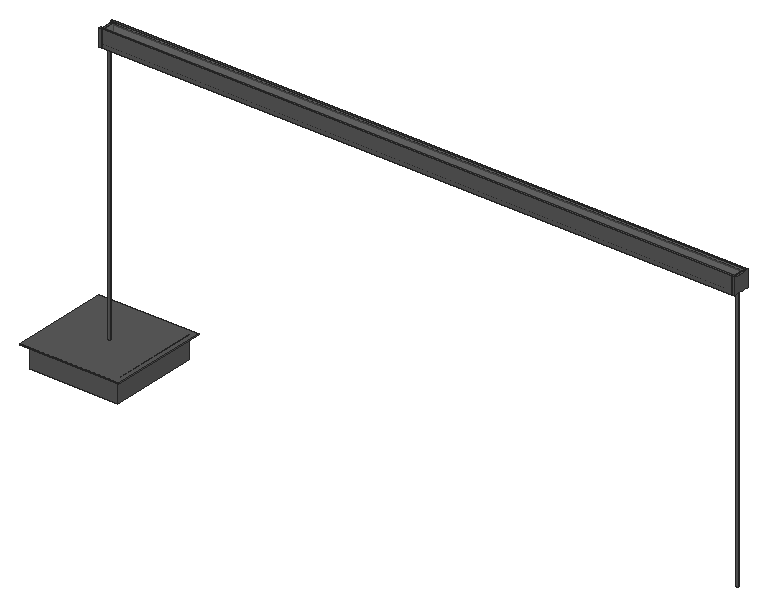
Revit family "Lighting_Linear_LED_Startek_MicroBeam-Direct-Indirect_Ceiling-Mount", category Lighting Fixtures, host Face, Revit 2019
Family settings
  Host = Face
  Round Connector Dimension = Use Diameter
  Part Type = Normal
  OmniClass Number = 23.80.70.11
  OmniClass Title = Luminaries for Internal Lighting
  Cut with Voids When Loaded = Yes
  Light Source = Yes
  Shared = No
  Room Calculation Point = No
Parameters (values of type "Not a Type - Load Type Catalog!")
  z_Mounting_RSM = Aircraft Cable : Remote Surface Mount with Canopy (RSMx)
  z_Mounting_RIW = Aircraft Cable : Remote In-Wall with Canopy (RIWx)
  z_Mounting_CPx = Aircraft Cable : Powered Canopy (PCx)
  Product Guid = "1cccbbba-c459-4a37-a225-4308e0dc9aea"  # constant formula
  z_RIW_RSM [instance] = or(Mounting = z_Mounting_RIW, Mounting = z_Mounting_RSM)  # no
  Mounting [instance] = Aircraft Cable : Powered Canopy (PCx)
  Indirect Distribution = ""
  Field Specified Cable Length Override [instance] = no
  Width = 1.25"  # constant formula
  Weight = 0.00 lbf
  Wattage Comments = "Efficacy up to 130 lm/W"
  Wattage = 7.24638 W
  Voltage Range = "120-277V"
  built-in parameter 1150110 = 1 (stored number, unit not read)
  Voltage = 120 V
  URL = "https://starteklightingamerica.com/micro-beam/"
  Type Comments = "Linear Lighting Fixture"  # constant formula
  built-in parameter 1114217 = 1 (stored number, unit not read)
  Tilt Angle = 90.00°  # constant formula
  built-in parameter 1150109 = 1 (stored number, unit not read)
  built-in parameter 1150134 = (empty or 0)
  built-in parameter 1150113 = 1 (stored number, unit not read)
  Product data url = "https://www.bimobject.com/startek-lighting/product/micro-beam-direct-indirect"
  Product Material [instance] = StarTek Lighting - Aluminum - Powder Coat Black
  Power Factor = 0.93
  Photometric Web File = "Generic Light Source Shown : Please download and link the IES file that best matches your fixture specification"
  Photometric Note = "Import IES files https://starteklightingamerica.com/"  # constant formula
  Phase = 1
  Number of Poles = 1
  Mount Finish Note [instance] = "Aircraft cables can be ordered in white and black"  # constant formula
  Mount Finish [instance] = StarTek Lighting - Aluminum - Powder Coat Black
  Model = ""
  Min Cord/Rod Length [instance] = 12.00"  # constant formula
  Max Cord/Rod Length [instance] = 144.00"  # constant formula
  Manufacturer = "StarTek Lighting"  # constant formula
  Input Wattage = 33 W
  Direct Distribution = ""
  Cord/Rod Length [instance] = 20.00"
  z_Cord_distance = Length / 2 - 0.27"  # 23.73"
  built-in parameter 1150105 = 79.577 (stored number, unit not read)
  Lumens = 1000 lm
  built-in parameter 1150115 = 1 (stored number, unit not read)
  built-in parameter 1150137 = (empty or 0)
  built-in parameter 1150139 = (empty or 0)
  Length = 48.00"
  Lamp length 8' = Length = 96.00"  # no
  Lamp length 4' = Length = 48.00"  # yes
  built-in parameter 1150112 = 1 (stored number, unit not read)
  built-in parameter 1150114 = 1 (stored number, unit not read)
  Lamp = "LED"  # constant formula
  Keynote = "16500"  # constant formula
  built-in parameter 1150132 = 2
  built-in parameter 1150102 = (empty or 0)
  built-in parameter 1150107 = 3500 (stored number, unit not read)
  built-in parameter 1150138 = (empty or 0)
  built-in parameter 1150106 = 0.79577 (stored number, unit not read)
  Height = 1.25"  # constant formula
  Frequency = 60 Hz
  Description = "Micro Beam Direct-Indirect"  # constant formula
  Emit from Rectangle Width = 1.50"  # constant formula
  Emit from Rectangle Length = Length - 0.11719"  # 47.88281"
  Emit Shape Visible in Rendering = 2 < 1  # no
  built-in parameter 1150104 = 12.821 (stored number, unit not read)
  Dimming Lamp Color Temperature Shift = <None>
  Default Elevation = 48.00"
  z_Cord/rod_length_parameter [instance] = if([Cord/Rod Length] < 12.00", 12.00", if([Cord/Rod Length] > 144.00", 144.00", [Cord/Rod Length]))  # 20.00"
  Color Filter = 16777215
  Color [instance] = "Available options: Powder Coat White (PW), Powder Coat Black (PB), Powder Coat Silver (PS), Powder Coat Bronze (PBR), Powder Coat Other (PBO)"  # constant formula
  CRI = ""
  z_CPx [instance] = Mounting = z_Mounting_CPx  # yes
  built-in parameter 1114218 = 1 (stored number, unit not read)
  built-in parameter 1150133 = 10 (stored number, unit not read)
  Assembly Code = "D5020200"
  Apparent Load = Input Wattage / (Number of Poles * Power Factor)  # 35.4839 VA
Reference planes (in)
  plane 1 "Center (Front/Back)": y = 0
  plane 2: z = 0
  plane 3 "Center (Left/Right)": x = 0
  plane 4: z = 20
  plane 5: x = -23.73
  plane 6: y = 1.5
  plane 7: y = -1.5
  plane 8: y = -2
  plane 9: y = 2
  plane 10: x = -23.73
  plane 11: x = 23.73
  plane 12: y = 3.35
  plane 13: y = -3.35
Forms (in)
  Extrusion 1, solid, material "StarTek Lighting - Aluminum - Powder Coat Black" <- "Mount Finish", visible <- "z_CPx"
    sketch origin (0, 0, 0) x (1, 0, 0) y (0, 1, 0)
      loop
        line (-27.08125, 3.35) -> (-27.08125, -3.35) -> (-20.38125, -3.35) -> (-20.38125, 3.35) -> (-27.08125, 3.35)
    from -1.67 to 0
  Extrusion 2, solid, material "StarTek Lighting - Aluminum - Powder Coat Black" <- "Mount Finish", visible <- "z_CPx"
    sketch origin (0, 0, 0) x (1, 0, 0) y (0, 0, 1)
      loop
        line (-19.98, 0) -> (-19.98, 0.05) -> (-27.48, 0.05) -> (-27.48, 0) -> (-19.98, 0)
    from -3.75 to 3.75
  Extrusion 3, solid, material "StarTek Lighting - Aluminum - Powder Coat Black" <- "Mount Finish", visible <- "z_RIW_RSM"
    sketch origin (0, 0, 0) x (1, 0, 0) y (0, 1, 0)
      loop
        line (-26.23, 2.5) -> (-26.23, -2.5) -> (-21.23, -2.5) -> (-21.23, 2.5) -> (-26.23, 2.5)
    from 0 to 0.2
Lines and regions (in)
  Masking region 1, visible <- "z_CPx"
    outline origin (0, 0, 0) x (1, 0, 0) y (0, 1, 0)
      loop
        line (-19.98, 3.75) -> (-27.48, 3.75) -> (-27.48, -3.75) -> (-19.98, -3.75) -> (-19.98, -1) -> (-23.8, -1) -> (-23.8, 1) -> (-19.98, 1) -> (-19.98, 3.75)
  Masking region 2, visible <- "z_RIW_RSM"
    outline origin (0, 0, 0) x (1, 0, 0) y (0, 1, 0)
      loop
        line (-21.23, 2.5) -> (-26.23, 2.5) -> (-26.23, -2.5) -> (-21.23, -2.5) -> (-21.23, -1) -> (-23.8, -1) -> (-23.8, 1) -> (-21.23, 1) -> (-21.23, 2.5)
Dimensions and locks (in)
  locked: plane 4 to imposter light at 0.625
  "z_Cord/rod_length_parameter": plane 4 to plane 2
  "z_Cord_distance": plane 3 "Center (Left/Right)" to plane 5
  equal spacing: plane 6, plane 1 "Center (Front/Back)", plane 7
  locked: plane 6 to plane 1 "Center (Front/Back)" at 1.5
  plane 9 to plane 1 "Center (Front/Back)" to plane 8 = 2.00" locked, 2.00" locked
  Extrusion 1 sketch curve to plane 10 to Extrusion 1 sketch curve = 3.35125" locked, 3.34875" locked
  Extrusion 1 sketch curve to plane 1 "Center (Front/Back)" to Extrusion 1 sketch curve = 3.35" locked, 3.35" locked
  locked: Extrusion 2 sketch curve to plane 2 at 0.05
  Extrusion 3 sketch curve to plane 10 to Extrusion 3 sketch curve = 2.50" locked, 2.50" locked
  Extrusion 3 sketch curve to plane 1 "Center (Front/Back)" to Extrusion 3 sketch curve = 2.50" locked, 2.50" locked
  Extrusion 2 sketch curve to plane 10 to Extrusion 2 sketch curve = 3.75" locked, 3.75" locked
  equal spacing: plane 13, plane 1 "Center (Front/Back)", plane 12
  plane 13 to plane 12 = 6.70"
  "z_Cord_distance": plane 11 to plane 3 "Center (Left/Right)"
  aligned and locked: plane 2 to host face
  aligned and locked: level to host face
  aligned and locked: plane 5 to nested 1
  aligned and locked: plane 1 "Center (Front/Back)" to nested 2
  aligned and locked: plane 3 "Center (Left/Right)" to nested 2
  aligned and locked: plane 1 "Center (Front/Back)" to nested 1
  aligned and locked: plane 1 "Center (Front/Back)" to nested 3
  aligned and locked: plane 2 to Extrusion 1
  aligned and locked: plane 2 to Extrusion 2 sketch curve
  aligned and locked: Extrusion 3 to plane 2
  aligned and locked: plane 10 to plane 5
  aligned and locked: plane 11 to nested 3
Automatic sketch dimensions
  host sketch curve to host sketch curve = 96.00"  (x2)
  Masking region 1 sketch curve to plane 12 = 0.40"
  Masking region 1 sketch curve to plane 5 = 3.75"
  Masking region 1 sketch curve to plane 5 = 0.07"
  Masking region 1 sketch curve to plane 6 = 0.50"
  plane 5 to Masking region 1 sketch curve = 3.75"
  Masking region 1 sketch curve to plane 7 = 0.50"
  plane 13 to Masking region 1 sketch curve = 0.40"
  Masking region 1 sketch curve to Masking region 1 sketch curve = 0.00"
  plane 9 to Masking region 2 sketch curve = 0.50"
  Masking region 2 sketch curve to plane 5 = 2.50"
  Masking region 2 sketch curve to plane 5 = 0.07"
  Masking region 2 sketch curve to plane 6 = 0.50"
  plane 5 to Masking region 2 sketch curve = 2.50"  (x2)
  Masking region 2 sketch curve to plane 7 = 0.50"
  plane 8 to Masking region 2 sketch curve = 0.50"
Nested families (in)
  nested 1: "Aircraft Cable" at (-23.73, 0, 0), type <- "Mounting", type "Powered Canopy (PCx)"
  nested 2: "Run" at (0, 0, 20), type "Default"
    with Length 48.00"
  nested 3: "Aircraft Cable" at (23.73, 0, 0), type <- "Mounting", type "Powered Canopy (PCx)"
Connectors (in)
  electrical at (-23.73, 0, 0), driven by "Power Factor", driven by "Apparent Load", driven by "Voltage", driven by "Number of Poles"
    settings: on nested 1, index 2, voltage 120 V, apparent load 0 VA, apparent load phase1 35.4839 VA, apparent load phase2 0 VA, apparent load phase3 0 VA, power factor 0.93, load classification "Other", number of poles 1, system type 31, power factor state 1, is connector primary yes, connector utility no, sub classification motor no, connector description "Connector for Electrical Power"
Definition of nested family "Aircraft Cable"
  Parameters (values of type "Remote In-Wall with Canopy (RIWx)")
    Height = 0.00"
    Default Elevation = 48.00"
    Cord material = none
    Cord length = 20.00"
    Canopy = yes
  Types (3): name
    Remote In-Wall with Canopy (RIWx)
    Remote Surface Mount with Canopy (RSMx)
    Powered Canopy (PCx)
  Reference planes (in)
    plane 1 "Center (Front/Back)": y = 0
    plane 2: z = 0
    plane 3 "Center (Left/Right)": x = 0
    plane 4 "canopy plane": z = 20
    plane 5: x = -0.5
    plane 6: x = 0.5
  Forms (in)
    Extrusion 1, solid, material <- "Cord material"
      sketch origin (0, 0, 0) x (1, 0, 0) y (0, 1, 0)
        loop
          circle (0, 0) r 0.09375
      from 0 to 20
    Extrusion 2, solid, material <- "Cord material", visible <- "Canopy", not visible
      sketch origin (0, 0, 36) x (-1, 0, 0) y (0, -1, 0)
        loop
          circle (0, 0) r 2.5
      from 0 to -0.19141
  Dimensions and locks (in)
    "Cord length": plane 4 "canopy plane" to plane 2
    plane 5 to plane 3 "Center (Left/Right)" to plane 6 = 0.50" locked, 0.50" locked
    aligned and locked: plane 2 to level
    aligned and locked: plane 4 "canopy plane" to Extrusion 1
  Automatic sketch dimensions
    plane 1 "Center (Front/Back)" to Extrusion 1 sketch curve = 0.00"
    Extrusion 1 sketch curve to plane 3 "Center (Left/Right)" = 0.00"
    radius of Extrusion 1 sketch curve = 0.09375"
Definition of nested family "Run"
  Parameters (values of type "Run")
    Width = 2.00"  # constant formula
    URL = ""
    Type Comments = ""
    Model = ""
    Manufacturer = ""
    Length = 96.00"
    Lamp Finish = none
    Keynote = ""
    Height = 2.39844"  # constant formula
    Description = ""
    Default Elevation = 48.00"
    Assembly Code = ""
  Reference planes (in)
    plane 1 "Center (Front/Back)": y = 0
    plane 2: z = 0
    plane 3 "Center (Left/Right)": x = 0
    plane 4: x = -48
    plane 5: x = 48
    plane 6: x = -47.8
    plane 7: x = 47.8
  Forms (in)
    Extrusion 1, solid
      sketch origin (0, 0, 0) x (1, 0, 0) y (0, 1, 0)
        loop
          line (-48, 48) -> (-48, -48) -> (48, -48) -> (48, 48) -> (-48, 48)
      from 0 to -12
    Extrusion 2, solid, material <- "Lamp Finish", detail levels coarse
      sketch origin (0, 0, 0) x (0, 1, 0) y (0, 0, 1)
        loop
          line (0.62758, 1.25) -> (0.47032, 1.25) -> (0.39003, 1.18849) -> (0.39003, 1.15747) -> (-0.39003, 1.15747) -> (-0.39003, 1.18849) -> (-0.47032, 1.25) -> (-0.62758, 1.25) -> (-0.62758, 0) -> (0.62758, 0) -> (0.62758, 1.25)
      from 47.8 to 48
    Extrusion 3, solid, material <- "Lamp Finish", detail levels coarse
      sketch origin (0, 0, 0) x (0, 1, 0) y (0, 0, -1)
        loop
          line (0.62758, -1.25) -> (0.62758, 0) -> (-0.62758, 0) -> (-0.62758, -1.25) -> (-0.47032, -1.25) -> (-0.39003, -1.18849) -> (-0.39003, -1.15747) -> (0.39003, -1.15747) -> (0.39003, -1.18849) -> (0.47032, -1.25) -> (0.62758, -1.25)
      from 47.8 to 48
    Extrusion 4, solid
      sketch origin (0, 0, 0) x (0, 1, 0) y (0, 0, 1)
        loop
          line (0.52434, 1.15747) -> (-0.52487, 1.15747) -> (-0.52487, 1.09673) -> (0.52434, 1.09673) -> (0.52434, 1.15747)
        loop
          line (0.50193, 0.17446) -> (0.36585, 0.17446) -> (0.19984, 0.15701) -> (0.12599, 0.23085) -> (-0.12599, 0.23085) -> (-0.19984, 0.15701) -> (-0.36585, 0.17446) -> (-0.50193, 0.17446)
          arc (-0.50193, 0.17446) -> (-0.47335, 0.10973) -> (-0.41427, 0.07077) r 0.12543
          arc (-0.41427, 0.07077) -> (0, 0.01725) -> (0.41427, 0.07077) r 1.63008
          arc (0.41427, 0.07077) -> (0.47335, 0.10973) -> (0.50193, 0.17446) r 0.12543
      from -47.8 to 47.8
    Extrusion 5, solid, material <- "Lamp Finish"
      sketch origin (0, 0, 0) x (0, 1, 0) y (0, 0, 1)
        loop
          line (0.62758, 0) -> (0.62758, 1.25) -> (0.47032, 1.25) -> (0.39003, 1.18849) -> (0.39003, 1.15747) -> (0.54976, 1.15747) -> (0.54976, 1.08807) -> (0.39003, 1.08807) -> (0.39003, 0.17446) -> (0.54976, 0.17446) -> (0.54976, 0) -> (0.62758, 0)
        loop
          line (-0.62758, 0) -> (-0.54976, 0) -> (-0.54976, 0.17446) -> (-0.39003, 0.17446) -> (-0.39003, 1.08807) -> (-0.54976, 1.08807) -> (-0.54976, 1.15747) -> (-0.39003, 1.15747) -> (-0.39003, 1.18849) -> (-0.47032, 1.25) -> (-0.62758, 1.25) -> (-0.62758, 0)
      from -47.8 to 47.8
    Extrusion 6, solid, material <- "Lamp Finish", detail levels medium+fine
      sketch origin (0, 0, 0) x (0, 1, 0) y (0, 0, -1)
        loop
          line (0.62758, -1.25) -> (0.62758, 0) -> (0.54976, 0) -> (0.54976, -0.17446) -> (0.50193, -0.17446)
          arc (0.50193, -0.17446) -> (0.47335, -0.10973) -> (0.41427, -0.07077) r 0.12543
          arc (0.41427, -0.07077) -> (0, -0.01725) -> (-0.41427, -0.07077) r 1.63008
          arc (-0.41427, -0.07077) -> (-0.47335, -0.10973) -> (-0.50193, -0.17446) r 0.12543
          line (-0.50193, -0.17446) -> (-0.54976, -0.17446) -> (-0.54976, 0) -> (-0.62758, 0) -> (-0.62758, -1.25) -> (-0.47032, -1.25) -> (-0.39003, -1.18849) -> (-0.39003, -1.15747) -> (0, -1.15747) -> (0.39003, -1.15747) -> (0.39003, -1.18849) -> (0.47032, -1.25) -> (0.62758, -1.25)
      from 47.8 to 48
    Extrusion 7, solid, material <- "Lamp Finish", detail levels medium+fine
      sketch origin (0, 0, 0) x (0, 1, 0) y (0, 0, 1)
        loop
          line (0.62758, 1.25) -> (0.47032, 1.25) -> (0.39003, 1.18849) -> (0.39003, 1.15747) -> (0, 1.15747) -> (-0.39003, 1.15747) -> (-0.39003, 1.18849) -> (-0.47032, 1.25) -> (-0.62758, 1.25) -> (-0.62758, 0) -> (-0.54976, 0) -> (-0.54976, 0.17446) -> (-0.50193, 0.17446)
          arc (-0.50193, 0.17446) -> (-0.47335, 0.10973) -> (-0.41427, 0.07077) r 0.12543
          arc (-0.41427, 0.07077) -> (0, 0.01725) -> (0.41427, 0.07077) r 1.63008
          arc (0.41427, 0.07077) -> (0.47335, 0.10973) -> (0.50193, 0.17446) r 0.12543
          line (0.50193, 0.17446) -> (0.54976, 0.17446) -> (0.54976, 0) -> (0.62758, 0) -> (0.62758, 1.25)
      from 47.8 to 48
  Lines and regions (in)
    Masking region 1
      outline origin (0, 0, 0) x (1, 0, 0) y (0, 1, 0)
        loop
          line (-47.8, 1) -> (-47.8, -1) -> (47.8, -1) -> (47.8, 1) -> (-47.8, 1)
    Masking region 2, detail levels fine
      outline origin (0, 0, 0) x (1, 0, 0) y (0, 1, 0)
        loop
          line (-47.8, -0.77022) -> (47.8, -0.77022) -> (47.8, 0.77022) -> (-47.8, 0.77022) -> (-47.8, -0.77022)
    Masking region 3, not visible
      outline origin (0, 0, 0) x (1, 0, 0) y (0, 1, 0)
        loop
          line (-48, 1) -> (-48, -1) -> (-47.8, -1) -> (-47.8, 1) -> (-48, 1)
    Masking region 4, not visible
      outline origin (0, 0, 0) x (1, 0, 0) y (0, 1, 0)
        loop
          line (48, -1) -> (48, 1) -> (47.8, 1) -> (47.8, -1) -> (48, -1)
  Dimensions and locks (in)
    equal spacing: plane 4, plane 3 "Center (Left/Right)", plane 5
    "Length": plane 4 to plane 5
    locked: plane 7 to plane 5 at 0.2
    locked: plane 4 to plane 6 at 0.2
    aligned and locked: plane 2 to Extrusion 1
    aligned and locked: level to Extrusion 1
    aligned and locked: Extrusion 2 to plane 5
    aligned and locked: plane 7 to Extrusion 2
    aligned and locked: plane 4 to Extrusion 3
    aligned and locked: Extrusion 3 to plane 6
    aligned and locked: plane 6 to Extrusion 4
    aligned and locked: Extrusion 4 to plane 7
    aligned and locked: plane 6 to Extrusion 5
    aligned and locked: Extrusion 5 to plane 7
    aligned and locked: Masking region 2 sketch curve to plane 6
    aligned and locked: plane 7 to Masking region 2 sketch curve
    aligned and locked: Extrusion 6 to plane 4
    aligned and locked: Extrusion 6 to plane 6
    aligned and locked: Masking region 1 sketch curve to plane 6
    aligned and locked: plane 7 to Masking region 1 sketch curve
    aligned and locked: Masking region 3 sketch curve to plane 6
    aligned and locked: Masking region 4 sketch curve to plane 7
    aligned and locked: plane 5 to Extrusion 7
    aligned and locked: plane 7 to Extrusion 7
  Automatic sketch dimensions
    Extrusion 1 sketch curve to Extrusion 1 sketch curve = 96.00"  (x2)
    plane 1 "Center (Front/Back)" to Extrusion 2 sketch curve = 0.62758"
    Extrusion 2 sketch curve to Extrusion 2 sketch curve = 0.15726"  (x2)
    Extrusion 2 sketch curve to Extrusion 2 sketch curve = 0.08029"  (x2)
    Extrusion 2 sketch curve to plane 1 "Center (Front/Back)" = 0.39003"
    Extrusion 2 sketch curve to level = 0.00"
    level to Extrusion 2 sketch curve = 1.15747"
    Extrusion 2 sketch curve to Extrusion 2 sketch curve = 0.03102"  (x2)
    Extrusion 2 sketch curve to Extrusion 2 sketch curve = 0.06151"  (x2)
    plane 1 "Center (Front/Back)" to Extrusion 3 sketch curve = 0.62758"
    Extrusion 3 sketch curve to Extrusion 3 sketch curve = 0.15726"
    Extrusion 3 sketch curve to Extrusion 3 sketch curve = 0.08029"  (x2)
    Extrusion 3 sketch curve to plane 1 "Center (Front/Back)" = 0.39003"
    Extrusion 3 sketch curve to level = 0.00"
    Extrusion 3 sketch curve to plane 1 "Center (Front/Back)" = 0.62758"
    level to Extrusion 3 sketch curve = 1.15747"
    Extrusion 3 sketch curve to Extrusion 3 sketch curve = 0.03102"  (x2)
    Extrusion 3 sketch curve to Extrusion 3 sketch curve = 0.06151"  (x2)
    Extrusion 4 sketch curve to plane 1 "Center (Front/Back)" = 0.00"
    plane 1 "Center (Front/Back)" to Extrusion 4 sketch curve = 0.12599"
    Extrusion 4 sketch curve to Extrusion 4 sketch curve = 0.07384"  (x3)
    plane 1 "Center (Front/Back)" to Extrusion 4 sketch curve = 0.52487"
    Extrusion 4 sketch curve to plane 1 "Center (Front/Back)" = 0.12599"
    level to Extrusion 4 sketch curve = 0.17446"  (x2)
    Extrusion 4 sketch curve to Extrusion 4 sketch curve = 0.16601"
    Extrusion 4 sketch curve to plane 1 "Center (Front/Back)" = 0.52434"
    level to Extrusion 4 sketch curve = 0.15701"  (x2)
    Extrusion 4 sketch curve to Extrusion 4 sketch curve = 0.06074"
    Extrusion 4 sketch curve to Extrusion 4 sketch curve = 0.48986"
    level to Extrusion 4 sketch curve = 0.07077"
    Extrusion 5 sketch curve to level = 0.00"  (x2)
    plane 1 "Center (Front/Back)" to Extrusion 5 sketch curve = 0.62758"
    Extrusion 5 sketch curve to Extrusion 5 sketch curve = 0.07782"  (x3)
    Extrusion 5 sketch curve to Extrusion 5 sketch curve = 0.15972"  (x3)
    Extrusion 5 sketch curve to Extrusion 5 sketch curve = 0.07943"
    Extrusion 5 sketch curve to Extrusion 5 sketch curve = 0.00"  (x2)
    Extrusion 5 sketch curve to plane 1 "Center (Front/Back)" = 0.39003"
    Extrusion 5 sketch curve to Extrusion 5 sketch curve = 0.08029"
    level to Extrusion 5 sketch curve = 0.17446"  (x2)
    Extrusion 5 sketch curve to Extrusion 5 sketch curve = 0.0694"  (x2)
    Extrusion 5 sketch curve to Extrusion 5 sketch curve = 0.03102"  (x2)
    Extrusion 5 sketch curve to Extrusion 5 sketch curve = 0.06151"
    Extrusion 5 sketch curve to Extrusion 5 sketch curve = 0.09253"
    plane 1 "Center (Front/Back)" to Masking region 1 sketch curve = 1.00"
    Masking region 1 sketch curve to plane 1 "Center (Front/Back)" = 1.00"
    plane 1 "Center (Front/Back)" to Masking region 2 sketch curve = 0.77022"
    Masking region 2 sketch curve to plane 1 "Center (Front/Back)" = 0.77022"
    Extrusion 6 sketch curve to plane 1 "Center (Front/Back)" = 0.00"  (x2)
    plane 1 "Center (Front/Back)" to Extrusion 6 sketch curve = 0.37756"
    plane 1 "Center (Front/Back)" to Extrusion 6 sketch curve = 0.39003"
    Extrusion 6 sketch curve to Extrusion 6 sketch curve = 0.08029"  (x2)
    Extrusion 6 sketch curve to Extrusion 6 sketch curve = 0.12437"  (x2)
    Extrusion 6 sketch curve to level = 0.00"  (x2)
    Extrusion 6 sketch curve to Extrusion 6 sketch curve = 0.04782"  (x2)
    Extrusion 6 sketch curve to Extrusion 6 sketch curve = 0.07782"
    level to Extrusion 6 sketch curve = 0.19071"  (x2)
    Extrusion 6 sketch curve to plane 1 "Center (Front/Back)" = 0.37756"
    Extrusion 6 sketch curve to plane 1 "Center (Front/Back)" = 0.39003"
    Extrusion 6 sketch curve to Extrusion 6 sketch curve = 0.15726"
    Extrusion 6 sketch curve to Extrusion 6 sketch curve = 0.96676"
    Extrusion 6 sketch curve to Extrusion 6 sketch curve = 0.03102"  (x2)
    Extrusion 6 sketch curve to Extrusion 6 sketch curve = 0.06151"  (x2)
    Extrusion 6 sketch curve to Extrusion 6 sketch curve = 0.48986"
    Extrusion 6 sketch curve to Extrusion 6 sketch curve = 0.01625"  (x2)
    level to Extrusion 6 sketch curve = 0.07077"
    Masking region 3 sketch curve to plane 4 = 0.00"
    plane 1 "Center (Front/Back)" to Masking region 3 sketch curve = 1.00"
    Masking region 3 sketch curve to plane 1 "Center (Front/Back)" = 1.00"
    Masking region 4 sketch curve to plane 5 = 0.00"
    plane 1 "Center (Front/Back)" to Masking region 4 sketch curve = 1.00"
    Masking region 4 sketch curve to plane 1 "Center (Front/Back)" = 1.00"
    Extrusion 7 sketch curve to plane 1 "Center (Front/Back)" = 0.00"  (x2)
    plane 1 "Center (Front/Back)" to Extrusion 7 sketch curve = 0.37756"
    plane 1 "Center (Front/Back)" to Extrusion 7 sketch curve = 0.39003"
    Extrusion 7 sketch curve to Extrusion 7 sketch curve = 0.08029"  (x2)
    Extrusion 7 sketch curve to Extrusion 7 sketch curve = 0.12437"  (x2)
    Extrusion 7 sketch curve to level = 0.00"  (x2)
    Extrusion 7 sketch curve to Extrusion 7 sketch curve = 0.04782"  (x2)
    Extrusion 7 sketch curve to Extrusion 7 sketch curve = 0.07782"
    level to Extrusion 7 sketch curve = 0.19071"
    Extrusion 7 sketch curve to plane 1 "Center (Front/Back)" = 0.37756"
    Extrusion 7 sketch curve to plane 1 "Center (Front/Back)" = 0.39003"
    Extrusion 7 sketch curve to Extrusion 7 sketch curve = 0.15726"
    level to Extrusion 7 sketch curve = 0.17446"
    Extrusion 7 sketch curve to Extrusion 7 sketch curve = 0.01625"  (x2)
    Extrusion 7 sketch curve to Extrusion 7 sketch curve = 0.96676"
    Extrusion 7 sketch curve to Extrusion 7 sketch curve = 0.03102"  (x2)
    Extrusion 7 sketch curve to Extrusion 7 sketch curve = 0.06151"  (x2)
    Extrusion 7 sketch curve to Extrusion 7 sketch curve = 0.48986"
    level to Extrusion 7 sketch curve = 0.07077"
    Extrusion 5 sketch curve to Extrusion 5 sketch curve = 0.91361"  (x2)
    Extrusion 4 sketch curve to Extrusion 4 sketch curve = 0.12437"
    Extrusion 4 sketch curve to Extrusion 4 sketch curve = 0.01625"  (x2)
    Extrusion 4 sketch curve to Extrusion 4 sketch curve = 0.3021"
    Extrusion 4 sketch curve to Extrusion 4 sketch curve = 0.01172"  (x2)
    Extrusion 4 sketch curve to Extrusion 4 sketch curve = 0.90602"
    Extrusion 4 sketch curve to Extrusion 4 sketch curve = 0.13609"
